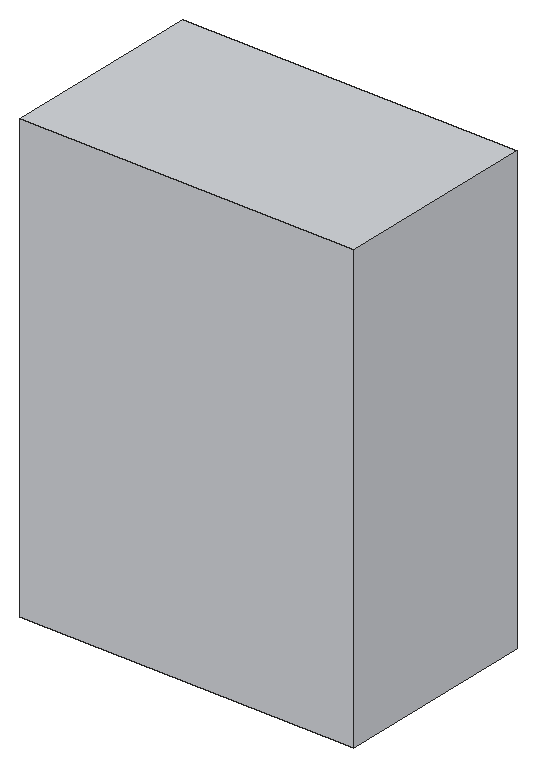
Revit family
Parameters
  hook [instance] = Unit Width / 0' 10"  # 4
  Warranty Duration (Years) = 0
  Unit Width [instance] = 3' - 0"
  Unit Height [instance] = 0' - 0"
  Unit Depth = 0' - 0"
  URL = "http://www.americanspecialties.com/viewCategories.cfm"
  Trim Material = Rubber
  Test Data = ""
  Specification = "http://www.arcat.com/sdspecs/htm/10810asi.htm"
  SpecWizard = ""
  Send Message = "http://www.arcat.com/users.pl?action=UserEmail&company=American%20Specialties,%20Inc.&coid=30448&rep=139&fax=914-476-0688&mf="
  Sales Information = "http://www.americanspecialties.com/contact"
  Revision = "R1_10-2010"
  Product Properties = "http://www.americanspecialties.com/datasheets/8215.pdf"
  Product Data = "http://www.arcat.com/arcatcos/cos30/arc30448.html"
  Model = "As Specified in 10 28 13"
  Manufacturer Website = "http://www.americanspecialties.com/viewCategories.cfm"
  Manufacturer Phone - Toll Free = ""
  Manufacturer Phone = "914-476-9000 "
  Manufacturer Fax = "914-476-0688"
  Manufacturer Address = "441 Saw Mill River Rd., Yonkers, NY 10701"
  Manufacturer = "American Specialties, Inc."
  Maintenance Schedule (Months) = 0
  Keynote = "10 28 13"
  Installation-Fabrication = "http://www.americanspecialties.com/products.cfm"
  Green Building-LEED = ""
  Expected Lifespan (Years) = 0
  Drawn By = "Robert S. Weygant. CSI, CDT, SCIP"  # constant formula
  Description = "Toilet Accessory as Specified in 10 28 13"
  Default Elevation = 4' - 0"
  Copyright = "©Arcat Inc."
  Construction Details = "http://www.arcat.com/green/clients/leed_data_30448.html"
  Building Codes = "http://www.americanspecialties.com/products.cfm"
  Body Material = Metal - Stainless Steel
  Assembly Code = "C1030210"
Reference planes (in)
  plane 1 "Center (Front/Back)": y = -0.29112
  plane 2 "Floor Line": z = 0
  plane 3 "Center (Left/Right)": x = -0.65843
Forms (in)
  Extrusion 1, solid
    sketch origin (-3, -9, -6) x (0, 0, -1) y (1, 0, 0)
      loop
        line (-82, 56.90407) -> (-82, -0.06991) -> (-6, -0.06991) -> (-6, 56.90407) -> (-82, 56.90407)
    from 9 to -25.60721
  Extrusion 2, solid, material "Metal - Stainless Steel" <- "Body Material"
    sketch origin (34.93009, -10.58223, 0) x (0, -1, 0) y (0, 0, 1)
      loop
        line (-8.29112, 0.125) -> (-8.79112, 0.125) -> (-8.79112, 3.5) -> (-11.79112, 3.5) -> (-11.79112, 0.125) -> (-12.29112, 0.125) -> (-12.29112, 0) -> (-11.66612, 0) -> (-11.66612, 3.375) -> (-8.91612, 3.375) -> (-8.91612, 0) -> (-8.29112, 0) -> (-8.29112, 0.125)
    from 35.58852 to -0.41148
  Extrusion 3, solid, material "Metal - Stainless Steel" <- "Body Material"
    sketch origin (0, 0, 0) x (1, 0, 0) y (0, 1, 0)
      loop
        circle (0.34157, 1.45888) r 0.21875
      loop
        circle (0.34157, -2.04112) r 0.21875
      loop
        circle (34.34157, 1.45888) r 0.21875
      loop
        circle (34.34157, -2.04112) r 0.21875
    from 0.25058 to 0
  Extrusion 4, solid, material "Metal - Stainless Steel" <- "Body Material"
    sketch origin (5, 0, 0) x (1, 0, 0) y (0, 1, 0)
      loop
        circle (3.84157, 1.45888) r 0.21875
      loop
        circle (3.84157, -2.04112) r 0.21875
      loop
        circle (20.84157, 1.45888) r 0.21875
      loop
        circle (20.84157, -2.04112) r 0.21875
    from 0.25058 to 0
  Extrusion 5, solid, material "Metal - Stainless Steel" <- "Body Material"
    sketch origin (-14.31405, -2.48146, -7.11605) x (1, 0, 0) y (0, 0, 1)
      loop
        line (15.15562, 10.61605) -> (18.15562, 10.61605) -> (18.15562, 11.46368) -> (18.03062, 11.46368) -> (18.03062, 10.74105) -> (15.28062, 10.74105) -> (15.28062, 12.51646) -> (15.15562, 12.51646) -> (15.15562, 10.61605)
    from -1.5 to -2.88069
  Extrusion 6, solid, material "Rubber" <- "Trim Material"
    sketch origin (1.375, 0, 0) x (1, 0, 0) y (0, 1, 0)
      loop
        arc (1.71876, -0.00164) -> (1.38167, 0.05154) -> (1.04802, -0.02014) r 0.93233
        arc (1.04802, -0.02014) -> (0.90772, -0.07915) -> (0.79313, -0.17932) r 0.47745
        arc (0.79313, -0.17932) -> (0.82811, -0.32067) -> (0.6876, -0.35889) r 0.10417
        arc (0.6876, -0.35889) -> (0.5665, -0.32788) -> (0.49553, -0.22496) r 0.1783
        line (0.49553, -0.22496) -> (0.30272, -0.22496) -> (0.30272, -0.4268)
        arc (0.30272, -0.4268) -> (1.23821, -1.05205) -> (2.33702, -0.8097) r 1.43411
        arc (2.33702, -0.8097) -> (2.14783, -0.3139) -> (1.71876, -0.00164) r 0.93233
    from 3.70633 to 5.00782
  Extrusion 7, solid, material "Rubber" <- "Trim Material"
    sketch origin (1.5, 0, 0) x (1, 0, 0) y (0, 1, 0)
      loop
        circle (1.63426, -0.62262) r 0.25
    from 5.00782 to 5.1404
  Extrusion 8, solid, material "Metal - Stainless Steel" <- "Body Material"
    sketch origin (1.5, 0, 0) x (1, 0, 0) y (0, 1, 0)
      loop
        circle (0.52944, 0.16479) r 0.08601
      loop
        circle (1.83175, 0.16479) r 0.08601
    from 3.625 to 3.70633
  Extrusion 9, solid, material "Metal - Stainless Steel" <- "Body Material"
    sketch origin (-4.31405, -2.48146, -7.11605) x (1, 0, 0) y (0, 0, 1)
      loop
        line (15.15562, 10.61605) -> (18.15562, 10.61605) -> (18.15562, 11.46368) -> (18.03062, 11.46368) -> (18.03062, 10.74105) -> (15.28062, 10.74105) -> (15.28062, 12.51646) -> (15.15562, 12.51646) -> (15.15562, 10.61605)
    from -1.5 to -2.88069
  Extrusion 10, solid, material "Rubber" <- "Trim Material"
    sketch origin (11.375, 0, 0) x (1, 0, 0) y (0, 1, 0)
      loop
        arc (1.71876, -0.00164) -> (1.38167, 0.05154) -> (1.04802, -0.02014) r 0.93233
        arc (1.04802, -0.02014) -> (0.90772, -0.07915) -> (0.79313, -0.17932) r 0.47745
        arc (0.79313, -0.17932) -> (0.82811, -0.32067) -> (0.6876, -0.35889) r 0.10417
        arc (0.6876, -0.35889) -> (0.5665, -0.32788) -> (0.49553, -0.22496) r 0.1783
        line (0.49553, -0.22496) -> (0.30272, -0.22496) -> (0.30272, -0.4268)
        arc (0.30272, -0.4268) -> (1.23821, -1.05205) -> (2.33702, -0.8097) r 1.43411
        arc (2.33702, -0.8097) -> (2.14783, -0.3139) -> (1.71876, -0.00164) r 0.93233
    from 3.70633 to 5.00782
  Extrusion 11, solid, material "Rubber" <- "Trim Material"
    sketch origin (11.5, 0, 0) x (1, 0, 0) y (0, 1, 0)
      loop
        circle (1.63426, -0.62262) r 0.25
    from 5.00782 to 5.1404
  Extrusion 12, solid, material "Metal - Stainless Steel" <- "Body Material"
    sketch origin (11.5, 0, 0) x (1, 0, 0) y (0, 1, 0)
      loop
        circle (0.52944, 0.16479) r 0.08601
      loop
        circle (1.83175, 0.16479) r 0.08601
    from 3.625 to 3.70633
  Extrusion 13, solid, material "Metal - Stainless Steel" <- "Body Material"
    sketch origin (5.68595, -2.48146, -7.11605) x (1, 0, 0) y (0, 0, 1)
      loop
        line (15.15562, 10.61605) -> (18.15562, 10.61605) -> (18.15562, 11.46368) -> (18.03062, 11.46368) -> (18.03062, 10.74105) -> (15.28062, 10.74105) -> (15.28062, 12.51646) -> (15.15562, 12.51646) -> (15.15562, 10.61605)
    from -1.5 to -2.88069
  Extrusion 14, solid, material "Rubber" <- "Trim Material"
    sketch origin (21.375, 0, 0) x (1, 0, 0) y (0, 1, 0)
      loop
        arc (1.71876, -0.00164) -> (1.38167, 0.05154) -> (1.04802, -0.02014) r 0.93233
        arc (1.04802, -0.02014) -> (0.90772, -0.07915) -> (0.79313, -0.17932) r 0.47745
        arc (0.79313, -0.17932) -> (0.82811, -0.32067) -> (0.6876, -0.35889) r 0.10417
        arc (0.6876, -0.35889) -> (0.5665, -0.32788) -> (0.49553, -0.22496) r 0.1783
        line (0.49553, -0.22496) -> (0.30272, -0.22496) -> (0.30272, -0.4268)
        arc (0.30272, -0.4268) -> (1.23821, -1.05205) -> (2.33702, -0.8097) r 1.43411
        arc (2.33702, -0.8097) -> (2.14783, -0.3139) -> (1.71876, -0.00164) r 0.93233
    from 3.70633 to 5.00782
  Extrusion 15, solid, material "Rubber" <- "Trim Material"
    sketch origin (21.5, 0, 0) x (1, 0, 0) y (0, 1, 0)
      loop
        circle (1.63426, -0.62262) r 0.25
    from 5.00782 to 5.1404
  Extrusion 16, solid, material "Metal - Stainless Steel" <- "Body Material"
    sketch origin (21.5, 0, 0) x (1, 0, 0) y (0, 1, 0)
      loop
        circle (0.52944, 0.16479) r 0.08601
      loop
        circle (1.83175, 0.16479) r 0.08601
    from 3.625 to 3.70633
  Extrusion 17, solid, material "Metal - Stainless Steel" <- "Body Material"
    sketch origin (15.68595, -2.48146, -7.11605) x (1, 0, 0) y (0, 0, 1)
      loop
        line (15.15562, 10.61605) -> (18.15562, 10.61605) -> (18.15562, 11.46368) -> (18.03062, 11.46368) -> (18.03062, 10.74105) -> (15.28062, 10.74105) -> (15.28062, 12.51646) -> (15.15562, 12.51646) -> (15.15562, 10.61605)
    from -1.5 to -2.88069
  Extrusion 18, solid, material "Rubber" <- "Trim Material"
    sketch origin (31.375, 0, 0) x (1, 0, 0) y (0, 1, 0)
      loop
        arc (1.71876, -0.00164) -> (1.38167, 0.05154) -> (1.04802, -0.02014) r 0.93233
        arc (1.04802, -0.02014) -> (0.90772, -0.07915) -> (0.79313, -0.17932) r 0.47745
        arc (0.79313, -0.17932) -> (0.82811, -0.32067) -> (0.6876, -0.35889) r 0.10417
        arc (0.6876, -0.35889) -> (0.5665, -0.32788) -> (0.49553, -0.22496) r 0.1783
        line (0.49553, -0.22496) -> (0.30272, -0.22496) -> (0.30272, -0.4268)
        arc (0.30272, -0.4268) -> (1.23821, -1.05205) -> (2.33702, -0.8097) r 1.43411
        arc (2.33702, -0.8097) -> (2.14783, -0.3139) -> (1.71876, -0.00164) r 0.93233
    from 3.70633 to 5.00782
  Extrusion 19, solid, material "Rubber" <- "Trim Material"
    sketch origin (31.5, 0, 0) x (1, 0, 0) y (0, 1, 0)
      loop
        circle (1.63426, -0.62262) r 0.25
    from 5.00782 to 5.1404
  Extrusion 20, solid, material "Metal - Stainless Steel" <- "Body Material"
    sketch origin (31.5, 0, 0) x (1, 0, 0) y (0, 1, 0)
      loop
        circle (0.52944, 0.16479) r 0.08601
      loop
        circle (1.83175, 0.16479) r 0.08601
    from 3.625 to 3.70633
Dimensions and locks (in)
  locked: Extrusion 2 to Extrusion 3 sketch curve at 1  (x2)
  locked: Extrusion 3 sketch curve to Extrusion 2 at 1  (x2)
  Extrusion 3 to Extrusion 4 sketch curve = 0' - 8 9/32"
  Extrusion 4 sketch curve to Extrusion 3 = 0' - 8 9/32"
  aligned and locked: Extrusion 1 to level
  aligned and locked: Extrusion 3 to level
  aligned and locked: Extrusion 4 to Extrusion 3
  aligned and locked: Extrusion 4 to level
  aligned and locked: Extrusion 6 to Extrusion 7
  aligned and locked: Extrusion 10 to Extrusion 11
  aligned and locked: Extrusion 14 to Extrusion 15
  aligned and locked: Extrusion 18 to Extrusion 19
